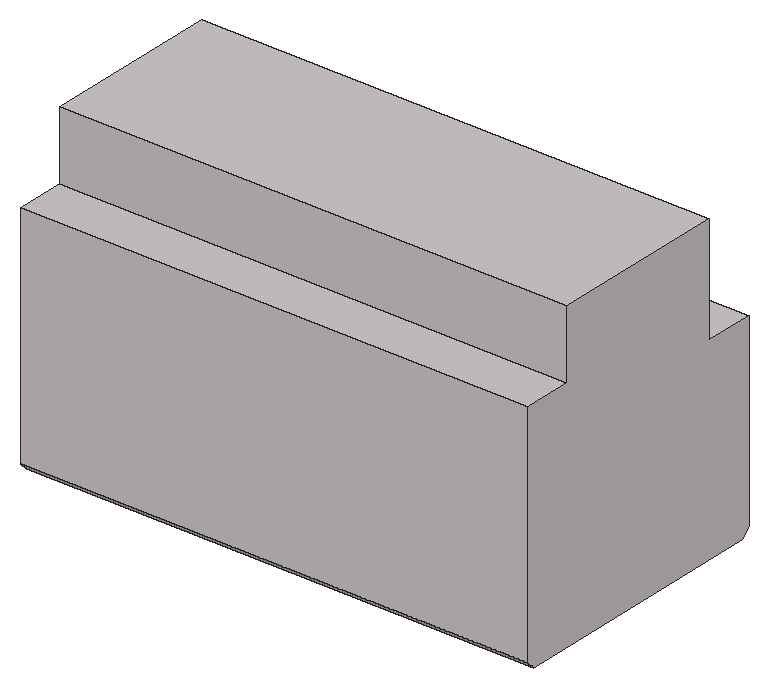
Revit family "034100 - Precast Structural Concrete - Inverted Tee", category Structural Framing, Revit 2019
Family settings
  Display in Hidden Views = Edges Hidden by Other Members
  Structural Framing Length Roundoff = 0' - 0 1/16"
  Section Shape = Not Defined
  Material for Model Behavior = Precast Concrete
  Always export as geometry = No
  Always vertical = Yes
  Cut with Voids When Loaded = No
  Symbolic Representation = From Family
  Shared = No
  Show family pre-cut in plan views = Yes
Parameters (values of type "IT 28IT32 (7"F & 11"B SHELF)")
  Structural Material = PRECAST INVERTED TEE
  OD_Attribution = "xcengineering.xyz, diocingenieria.com, openingdesign.com"
  Gap - Front/Back = 0' - 1"
  Front Shelf - Height = 0' - 7"
  Back Shelf - Height = 0' - 11"
  A = 2' - 4"
  B = 2' - 7"
  Assembly Code = ""
  Length [instance] = 4' - 11.05512"
Types (6): name | Front Shelf - Height | A | B
  IT 28IT32 (7"F & 11"B SHELF) | 0' - 7" | 2' - 4" | 2' - 7"
  IT 28IT32 (14"F & 11"B SHELF) | 1' - 2" | 2' - 4" | 2' - 7"
  IT 24IT36 (18"F & 11"B SHELF) | 1' - 6" | 2' - 0" | 2' - 11"
  IT 28IT32 (11"F & 11"B SHELF) | 0' - 11" | 2' - 4" | 2' - 7"
  IT 24IT32 (14"F & 11"B SHELF) | 1' - 2" | 2' - 0" | 2' - 7"
  IT 24IT36 (11"F & 11"B SHELF) | 0' - 11" | 2' - 0" | 2' - 11"
Reference planes (in)
  plane 1 "Centro (Frontal/Posterior)": y = 0
  plane 2: z = 0
  plane 3 "Centro (Izquierda/Derecha)": x = 0
  plane 4 "Izquierda de elemento": x = -25.74878
  plane 5 "Derecha de elemento": x = 25.74878
  plane 6 "Izquierda": x = -29.68579
  plane 7 "Derecha": x = 29.36933
  plane 8: z = 15.5
  plane 9: y = -14
  plane 10: y = 14
  plane 11: z = -15.5
  plane 12 "front shelf": z = 8.5
  plane 13: y = -9
  plane 14: y = 9
  plane 15: z = -14.7126
  plane 16: y = -13.2126
  plane 17: y = 13.2126
  plane 18 "back shelf": z = 4.5
  plane 19 "gap - back": y = 15
  plane 20 "gap - front": y = -15
Forms (in)
  Sweep 1, solid, material "PRECAST INVERTED TEE" <- "Structural Material"
    path origin (0, 14.72441, 0) x (1, 0, 0) y (0, 1, 0)
      loop
        line (-25.74878, -14.72441) -> (25.74878, -14.72441)
    profile origin (0, 0, 0) x (0, 1, 0) y (0, 0, 1)
      loop
        line (-9, 15.5) -> (-9, 8.5) -> (-14, 8.5) -> (-14, -14.7126) -> (-13.2126, -15.5) -> (13.2126, -15.5) -> (14, -14.7126) -> (14, 4.5) -> (9, 4.5) -> (9, 15.5) -> (-9, 15.5)
Dimensions and locks (in)
  "Length": plane 6 "Izquierda" to plane 7 "Derecha"
  locked: level to plane 2 at 0
  equal spacing: plane 10, plane 1 "Centro (Frontal/Posterior)", plane 9
  "A": plane 10 to plane 9
  equal spacing: plane 8, level, plane 11
  "B": plane 8 to plane 11
  locked: plane 9 to plane 13 at 5
  locked: plane 14 to plane 10 at 5
  "Front Shelf - Height": plane 8 to plane 12 "front shelf"
  locked: plane 15 to plane 11 at 0.7874
  locked: plane 9 to plane 16 at 0.7874
  locked: plane 17 to plane 10 at 0.7874
  "Back Shelf - Height": plane 8 to plane 18 "back shelf"
  "Gap - Front/Back": plane 10 to plane 19 "gap - back"
  "Gap - Front/Back": plane 20 "gap - front" to plane 9
  aligned and locked: plane 1 "Centro (Frontal/Posterior)" to Sweep 1 sketch curve
  aligned and locked: plane 4 "Izquierda de elemento" to Sweep 1 sketch curve
  aligned and locked: plane 5 "Derecha de elemento" to Sweep 1 sketch curve
  aligned and locked: plane 13 to Sweep 1 sketch curve
  aligned and locked: Sweep 1 sketch curve to plane 8
  aligned and locked: Sweep 1 sketch curve to plane 14
  aligned and locked: Sweep 1 sketch curve to plane 12 "front shelf"
  aligned and locked: Sweep 1 sketch curve to plane 9
  aligned and locked: plane 11 to Sweep 1 sketch curve
  aligned and locked: Sweep 1 sketch curve to Sweep 1 sketch curve  (x2)
  aligned and locked: plane 15 to Sweep 1 sketch curve
  aligned and locked: Sweep 1 sketch curve to plane 18 "back shelf"
  aligned and locked: plane 14 to Sweep 1 sketch curve
  aligned and locked: plane 10 to Sweep 1 sketch curve
Automatic sketch dimensions
  Sweep 1 sketch curve to plane 16 = 0' - 0"
  Sweep 1 sketch curve to plane 17 = 0' - 0"
  Sweep 1 sketch curve to plane 15 = 0' - 0"
